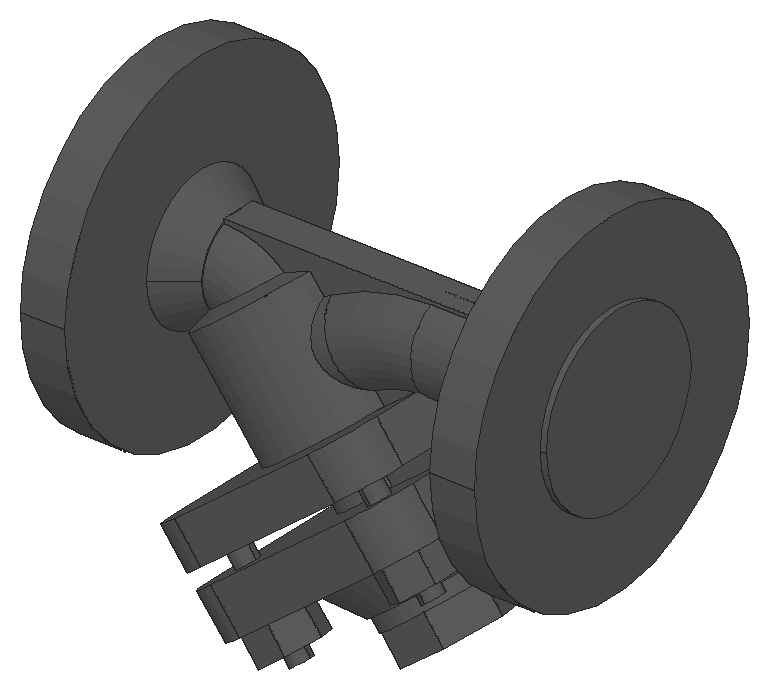
Revit family "FVF_DN15-300_PN25_RFA", category Pipe Accessories, Revit 2017
Family settings
  Round Connector Dimension = Use Diameter
  Part Type = Valve - Breaks Into
  OmniClass Number = 23.60.30.11
  OmniClass Title = Pipework Products for General Use
  Work Plane-Based = No
  Always vertical = Yes
  Cut with Voids When Loaded = No
  Shared = No
Parameters (values of type "FVF_DN15_PN25_065B7770")
  Weight = 2.20 kg
  W = D2  # 95 mm
  URL = "https://store.danfoss.com/en/Climate-Solutions-for-heating/Strainers/Strainers-for-District-Heating-and-District-Cooling/c/4071?q=%3Arelevance%3Adanfoss_producttypehierarchydesc%3Ac0f3d6ea79d70004a3a14d8528cae98d95d6f5b5&text="
  Pressure Drop [instance] = 0.0 Pa
  Number of meshes = "150/cm2"
  Nominal Pressure = "PN 25"  # constant formula
  Model Type = "FVF_DN15_PN25"
  Model = "065B7770"
  Min Medium Temperature = "-20 °C"  # constant formula
  Mesh Size = "0.54 mm"
  Max Medium Temperature = "150 °C"  # constant formula
  Manufacturer = "Danfoss"  # constant formula
  LOD 350 = not(LOD 200)  # yes
  LOD 200 = no
  L5 = 58.5 mm
  L_1 = 35 mm
  L4 = 5.7 mm
  L3 = 12.4 mm
  L2 = 81.2 mm
  L1 = 126 mm
  L = 130 mm
  Kvs = 5.3 m³/h
  IfcExportType = "FVF"  # constant formula
  IfcExportAs = "IfcValveType"  # constant formula
  H2 = D2 / 2  # 47.5 mm
  H1 = 81 mm
  H = H1 + (D2 / 2)  # 128.5 mm
  Flow [instance] = 0.0 m³/h
  Body Top = Strainer_top : 15
  Description = "Strainer"  # constant formula
  D4_2 = D4 / 2  # 12.5 mm
  D4 = 25 mm
  D3 = 38.8 mm
  D2 = 95 mm
  D1 = 49.8 mm
  D = 15 mm
  Connection = "Flange"  # constant formula
  Body Material = Danfoss Cast Iron
  A_R2 = D4 / 2 - 8 mm  # 4.5 mm
  A_R1 = 20 mm
  A_H2 = 5 mm
  A_H1 = 38.5 mm
  A = 52.00°
Types (15, lengths in mm): name | Weight | W | Number of meshes | Model Type | Model | Mesh Size | L5 | L_1 | L4 | L3 | L2 | L1 | L | Kvs | H2 | H1 | H | Body Top | D4_2 | D4 | D3 | D2 | D1 | D | Body Material | A_R2 | A_R1 | A_H2 | A_H1 | A
  (no name) | 2.20 kg | 95 | "150/cm2" | "FVF_DN15_PN25" | "065B7770" | "0.54 mm" | 58.5 | 35 | 5.7 | 12.4 | 81.2 | 126 | 130 | 5.3 m³/h | 47.5 | 81 | 128.5 | Strainer_top : 15 | 12.5 | 25 | 38.8 | 95 | 49.8 | 15 | Danfoss Cast Iron | 4.5 | 20 | 5 | 38.5 | 52.00°
  FVF_DN100_PN25_065B7778 | 25.00 kg | 235 | "25/cm2" | "FVF_DN100_PN25" | "065B7778" | "1.18 mm" | 113 | 108.75 | 25.75 | 19.2 | 269 | 343 | 350 | 201.0 m³/h | 117.5 | 240 | 357.5 | Strainer_top : 100 | 57 | 114 | 140 | 235 | 175 | 100 | Danfoss Cast Iron | 49 | 71.5 | 30 | 192.6 | 45.00°
  FVF_DN150_PN25_065B7780 | 61.00 kg | 300 | "25/cm2" | "FVF_DN150_PN25" | "065B7780" | "1.18 mm" | 125 | 123.6 | 35 | 20.8 | 370 | 471.8 | 480 | 542.0 m³/h | 150 | 305 | 455 | Strainer_top : 150 | 83 | 166 | 202 | 300 | 227 | 150 | Danfoss Cast Iron | 75 | 107.2 | 71.288 | 256.288 | 45.00°
  FVF_DN200_PN25_065B7781 | 109.00 kg | 360 | "25/cm2" | "FVF_DN200_PN25" | "065B7781" | "1.18 mm" | 145 | 195 | 52 | 26.7 | 495 | 591.8 | 600 | 870.0 m³/h | 180 | 437 | 617 | Strainer_top : 200 | 113 | 226 | 259 | 360 | 288 | 200 | Danfoss Cast Iron | 105 | 140 | 76 | 407.4 | 45.00°
  FVF_DN250_PN25_065B7782 | 162.00 kg | 425 | "25/cm2" | "FVF_DN250_PN25" | "065B7782" | "1.18 mm" | 220 | 193 | 60 | 29 | 574.5 | 724 | 730 | 1260.0 m³/h | 212.5 | 466 | 678.5 | Strainer_top : 250 | 139 | 278 | 309 | 425 | 348 | 250 | Danfoss Cast Iron | 131 | 150 | 101 | 382 | 45.00°
  FVF_DN300_PN25_065B7783 | 280.00 kg | 485 | "25/cm2" | "FVF_DN300_PN25" | "065B7783" | "1.18 mm" | 150 | 232 | 82 | 28 | 712 | 842 | 850 | 1735.0 m³/h | 242.5 | 550 | 792.5 | Strainer_top : 300 | 166 | 332 | 362.5 | 485 | 411 | 300 | Danfoss Ductile Iron | 158 | 176 | 98.4 | 465.8 | 45.00°
  FVF_DN125_PN25_065B7779 | 39.00 kg | 270 | "25/cm2" | "FVF_DN125_PN25" | "065B7779" | "1.18 mm" | 75 | 115 | 30.6 | 20.8 | 305.8 | 393 | 400 | 350.0 m³/h | 135 | 273 | 408 | Strainer_top : 125 | 71.45 | 142.9 | 172.3 | 270 | 213 | 125 | Danfoss Cast Iron | 63.45 | 96 | 45 | 227.4 | 45.00°
  FVF_DN80_PN25_065B7777 | 16.60 kg | 198 | "25/cm2" | "FVF_DN80_PN25" | "065B7777" | "1.18 mm" | 95 | 90.6 | 19.6 | 18 | 219.5 | 303 | 310 | 140.0 m³/h | 99 | 185 | 284 | Strainer_top : 80 | 46.5 | 93 | 119 | 198 | 138.6 | 80 | Danfoss Cast Iron | 38.5 | 61.3 | 28.5 | 139.5 | 45.00°
  FVF_DN65_PN25_065B7776 | 12.00 kg | 184 | "64/cm2" | "FVF_DN65_PN25" | "065B7776" | "0.87 mm" | 105 | 73.4 | 16.6 | 17.5 | 207.5 | 283 | 290 | 95.0 m³/h | 92 | 155 | 247 | Strainer_top : 65 | 38.5 | 77 | 93.6 | 184 | 125 | 65 | Danfoss Cast Iron | 30.5 | 54.8 | 25.6 | 122.9 | 45.00°
  FVF_DN50_PN25_065B7775 | 8.50 kg | 163 | "64/cm2" | "FVF_DN50_PN25" | "065B7775" | "0.87 mm" | 75 | 56.5 | 13.5 | 15.2 | 156.9 | 223.3 | 230 | 54.0 m³/h | 81.5 | 135 | 216.5 | Strainer_top : 50 | 31 | 62 | 82.8 | 163 | 109.3 | 50 | Danfoss Cast Iron | 23 | 43.8 | 20.5 | 100.6 | 45.00°
  FVF_DN40_PN25_065B7774 | 6.50 kg | 149.5 | "64/cm2" | "FVF_DN40_PN25" | "065B7774" | "0.87 mm" | 64 | 48.6 | 11.4 | 14.6 | 129.4 | 192.9 | 200 | 33.0 m³/h | 74.75 | 135 | 209.75 | Strainer_top : 40 | 25.5 | 51 | 73.2 | 149.5 | 95.7 | 40 | Danfoss Cast Iron | 17.5 | 38.5 | 19 | 82.7 | 45.00°
  FVF_DN32_PN25_065B7773 | 5.00 kg | 139.5 | "64/cm2" | "FVF_DN32_PN25" | "065B7773" | "0.87 mm" | 65 | 45.5 | 9.5 | 14.6 | 116.7 | 172.8 | 180 | 20.0 m³/h | 69.75 | 135 | 204.75 | Strainer_top : 32 | 21 | 42 | 62.5 | 139.5 | 87.8 | 32 | Danfoss Cast Iron | 13 | 32.4 | 16.5 | 64.3 | 45.00°
  FVF_DN25_PN25_065B7772 | 3.80 kg | 115 | "64/cm2" | "FVF_DN25_PN25" | "065B7772" | "0.87 mm" | 60 | 45 | 8 | 14 | 101 | 156 | 160 | 16.5 m³/h | 57.5 | 91 | 148.5 | Strainer_top : 25 | 17.5 | 35 | 53.4 | 115 | 72.8 | 25 | Danfoss Cast Iron | 9.5 | 28 | 6 | 56 | 45.00°
  FVF_DN20_PN25_065B7771 | 3.30 kg | 105 | "150/cm2" | "FVF_DN20_PN25" | "065B7771" | "0.54 mm" | 68.5 | 40 | 7.5 | 12.4 | 95 | 146 | 150 | 9.5 m³/h | 52.5 | 82 | 134.5 | Strainer_top : 20 | 15 | 30 | 46.8 | 105 | 62.8 | 20 | Danfoss Cast Iron | 7 | 21.288 | 5 | 39.5 | 52.00°
  FVF_DN15_PN25_065B7770 | 2.20 kg | 95 | "150/cm2" | "FVF_DN15_PN25" | "065B7770" | "0.54 mm" | 58.5 | 35 | 5.7 | 12.4 | 81.2 | 126 | 130 | 5.3 m³/h | 47.5 | 81 | 128.5 | Strainer_top : 15 | 12.5 | 25 | 38.8 | 95 | 49.8 | 15 | Danfoss Cast Iron | 4.5 | 20 | 5 | 38.5 | 52.00°
Reference planes
  plane 1 "Center (Front/Back)": y = -30
  plane 2: z = 0
  plane 3 "Center (Left/Right)": x = 5.25
  plane 4: y = -77.5
  plane 5: y = 17.5
  plane 6: x = 105.25
  plane 7: x = -24.75
  plane 8: x = -22.75
  plane 9: x = 103.25
  plane 10: x = -0.35
  plane 11: x = 80.85
  plane 12: z = 417.5
  plane 13: z = -47.5
  plane 14: x = 40.25
  plane 15 "Front_1": y = -25
  plane 16 "Front_2": y = -35
  plane 17: z = 47.5
  plane 18: z = -81
  plane 19: z = 12.5
  plane 20: x = -10.35
  plane 21: x = 90.85
  plane 22: x = 46.75
  plane 23: x = 126
  plane 24: x = 10.95
  plane 25: x = 41.05
  plane 26: x = 35.35
  plane 27: z = -5.7
  plane 28: x = -0.45
Forms (mm)
  Blend 1, solid, material "Danfoss Cast Iron" <- "Body Material", visible <- "LOD 350", detail levels fine
    base sketch origin (5.25, 0, 0) x (0, 1, 0) y (0, 0, 1)
      loop
        circle (-30, 0) r 12.5
    top sketch origin (5.25, 0, 0) x (0, 1, 0) y (0, 0, 1)
      loop
        circle (-30, 0) r 19.4
    from -5.6 to -15.6
  Blend 2, solid, material "Danfoss Cast Iron" <- "Body Material", visible <- "LOD 350", detail levels fine
    base sketch origin (0, 0, 0) x (0, 1, 0) y (0, 0, -1)
      loop
        circle (-30, 0) r 12.5
    top sketch origin (0, 0, 0) x (0, 1, 0) y (0, 0, -1)
      loop
        circle (-30, 0) r 19.4
    from -80.85 to -90.85
  Extrusion 3, solid, material "Danfoss Cast Iron" <- "Body Material", detail levels fine
    sketch origin (5.25, 0, 0) x (0, 1, 0) y (0, 0, 1)
      loop
        circle (-30, 0) r 47.5
    from 85.6 to 98
  Extrusion 4, solid, material "Danfoss Cast Iron" <- "Body Material", detail levels fine
    sketch origin (0, 0, 0) x (0, 1, 0) y (0, 0, -1)
      loop
        circle (-30, 0) r 47.5
    from 10.35 to 22.75
  Extrusion 5, solid, material "Danfoss Cast Iron" <- "Body Material", detail levels fine
    sketch origin (5.25, 0, 0) x (0, 1, 0) y (0, 0, 1)
      loop
        circle (-30, 0) r 24.9
    from 98 to 100
  Extrusion 6, solid, material "Danfoss Cast Iron" <- "Body Material", detail levels fine
    sketch origin (0, 0, 0) x (0, 1, 0) y (0, 0, -1)
      loop
        circle (-30, 0) r 24.9
    from 22.75 to 24.75
  Sweep 7, solid, material "Danfoss Cast Iron" <- "Body Material", visible <- "LOD 350", detail levels fine
    path origin (0, -30, 0) x (1, 0, 0) y (0, 0, 1)
      loop
        line (-10.35, 0) -> (-0.45, 0)
        arc (-0.45, 0) -> (5.923, -1.504) -> (10.95, -5.7) r 14.25
    profile origin (-5.4, -30, 0) x (0, 0, 1) y (0, -1, 0)
      loop
        circle (0, 0) r 12.5
  Sweep 8, solid, material "Danfoss Cast Iron" <- "Body Material", visible <- "LOD 350", detail levels fine
    path origin (0, -30, 0) x (1, 0, 0) y (0, 0, 1)
      loop
        line (80.85, 0) -> (57.416, 0)
        arc (57.416, 0) -> (46.021, -1.448) -> (35.35, -5.7) r 45.561
        line (35.35, -5.7) -> (17.447, -15.611)
    profile origin (69.133, -30, 0) x (0, 0, -1) y (0, -1, 0)
      loop
        circle (0, 0) r 12.5
  Extrusion 9, solid, material "Danfoss Cast Iron" <- "Body Material", visible <- "LOD 350", detail levels fine
    sketch origin (0, -30, 0) x (1, 0, 0) y (0, 0, 1)
      loop
        line (-0.35, 12.5) -> (-0.35, 0) -> (80.85, 0) -> (80.85, 12.5) -> (-0.35, 12.5)
    from -5 to 5
  Extrusion 10, solid, material "Danfoss Cast Iron" <- "Body Material", visible <- "LOD 200", detail levels fine
    sketch origin (5.25, 0, 0) x (0, 1, 0) y (0, 0, 1)
      loop
        circle (-30, 0) r 12.5
    from -15.6 to 85.6
  Extrusion 11, solid, material "Danfoss Cast Iron" <- "Body Material", visible <- "LOD 350", detail levels fine
    sketch origin (0, -30, 0) x (1, 0, 0) y (0, 0, 1)
      loop
        line (47.527, -54.112) -> (116.787, 0) -> (5.25, 0) -> (47.527, -54.112)
    from -5 to 5
  Extrusion 12, void, detail levels fine
    sketch origin (0, -30, 0) x (1, 0, 0) y (0, 0, 1)
      loop
        line (90.85, 0) -> (90.85, -47.5) -> (290.85, -47.5) -> (290.85, 0) -> (90.85, 0)
    from -47.5 to 47.5
  Revolve 13, solid, material "Danfoss Cast Iron" <- "Body Material", detail levels fine
    sketch origin (0, -30, 0) x (1, 0, 0) y (0, 0, 1)
      loop
        line (24.089, 8.373) -> (8.328, -3.94) -> (28.953, -30.338) -> (44.713, -18.025) -> (24.089, 8.373)
      axis (8.328, -3.94) -> (28.953, -30.338)
    angle from 0 to 360
  Revolve 14, solid, material "Danfoss Cast Iron" <- "Body Material", detail levels fine
    sketch origin (0, -30, 0) x (1, 0, 0) y (0, 0, 1)
      loop
        line (24.089, 8.373) -> (8.796, 2.77) -> (5.25, 0) -> (8.328, -3.94) -> (24.089, 8.373)
      axis (8.328, -3.94) -> (5.25, 0)
    angle from 0 to 360
Cuts and joins
  Extrusion 12 cuts Blend 2
  Extrusion 12 cuts Extrusion 10
  Extrusion 12 cuts Extrusion 11
Lines and regions (mm)
  reference lines
    curve 1: line (5.25, -30, 0) -> (273.063, -30, -342.785)
    curve 2: line (5.25, -30, 0) -> (320.454, -30, 246.265)
    curve 3: line (323.533, -30, 242.325) -> (8.328, -30, -3.94)
    curve 4: line (344.157, -30, 215.926) -> (28.953, -30, -30.338)
    curve 5: line (8.796, -30, 2.77) -> (276.609, -30, -340.014)
    curve 6: line (21.01, -30, 12.313) -> (288.823, -30, -330.471)
Dimensions and locks
  "L": plane 6 to plane 7
  "L1": plane 9 to plane 8
  "L2": plane 11 to plane 10
  "L_1": plane 14 to plane 3 "Center (Left/Right)"
  equal spacing: plane 6, plane 14, plane 7
  equal spacing: plane 9, plane 14, plane 8
  equal spacing: plane 11, plane 14, plane 10
  "D2": plane 4 to plane 5
  equal spacing: plane 4, plane 1 "Center (Front/Back)", plane 5
  equal spacing: plane 16 "Front_2", plane 1 "Center (Front/Back)", plane 15 "Front_1"
  plane 16 "Front_2" to plane 15 "Front_1" = 10 mm
  "H": plane 17 to plane 18
  "H1": plane 2 to plane 18
  "D4_2": plane 19 to plane 2
  "H2": plane 2 to plane 13
  "L3": plane 20 to plane 8
  "L3": plane 9 to plane 21
  "L5": plane 6 to plane 22
  equal spacing: plane 22, plane 25, plane 26
  "L4": plane 22 to plane 25
  "L4": plane 2 to plane 27
  equal spacing: plane 24, plane 3 "Center (Left/Right)", plane 28
  "L4": plane 3 "Center (Left/Right)" to plane 28
  Extrusion 12 sketch curve to plane 21 = 200 mm
  Extrusion 12 to plane 13 = 47.5 mm
  "A_H2": curve 3 to curve 2
  "A_H1": curve 4 to curve 2
  "A_R2": curve 1 to curve 5
  "A_R1": curve 1 to curve 6
  curve 1 to curve 1 = 435 mm
  curve 2 to curve 2 = 400 mm
  curve 3 to curve 3 = 400 mm
  curve 4 to curve 4 = 400 mm
  curve 5 to curve 5 = 435 mm
  curve 6 to curve 6 = 435 mm
  "D4": diameter of Blend 1 sketch curve
  "D3": diameter of Blend 1 sketch curve
  "D4": diameter of Blend 2 sketch curve
  "D3": diameter of Blend 2 sketch curve
  "D2": diameter of Extrusion 3 sketch curve
  "D2": diameter of Extrusion 4 sketch curve
  "D1": diameter of Extrusion 5 sketch curve
  "D1": diameter of Extrusion 6 sketch curve
  "D4": diameter of Sweep 7 sketch curve
  "D4": diameter of Sweep 8 sketch curve
  "D4": diameter of Extrusion 10 sketch curve
  "A": angle curve 1 to plane 2
  locked: curve 1 to curve 2 (angle 90.00°)
  "A": angle nested 2 to plane 2
  aligned and locked: level to plane 2
  aligned and locked: plane 10 to Blend 1
  aligned and locked: plane 9 to Extrusion 3
  aligned and locked: Extrusion 4 to plane 8
  aligned and locked: plane 6 to Extrusion 5
  aligned and locked: Extrusion 5 to plane 9
  aligned and locked: Extrusion 6 to plane 7
  aligned and locked: plane 8 to Extrusion 6
  aligned and locked: Blend 2 to plane 11
  aligned and locked: plane 1 "Center (Front/Back)" to nested 1
  aligned and locked: nested 1 to plane 2
  aligned and locked: plane 20 to Extrusion 4
  aligned and locked: Extrusion 3 to plane 21
  aligned and locked: Blend 1 to plane 20
  aligned and locked: plane 21 to Blend 2
  aligned and locked: plane 7 to nested 1
  aligned and locked: plane 20 to Sweep 7 sketch curve
  aligned and locked: Sweep 7 sketch curve to plane 2
  aligned and locked: plane 11 to Sweep 8 sketch curve
  aligned and locked: plane 26 to Sweep 8 sketch curve
  aligned and locked: plane 27 to Sweep 8 sketch curve
  aligned and locked: Extrusion 9 sketch curve to plane 19
  aligned and locked: Extrusion 9 sketch curve to plane 10
  aligned and locked: Extrusion 9 sketch curve to plane 2
  aligned and locked: Extrusion 9 to plane 15 "Front_1"
  aligned and locked: plane 16 "Front_2" to Extrusion 9
  aligned and locked: Blend 2 to Extrusion 10
  aligned and locked: Blend 1 to Extrusion 10
  aligned and locked: plane 28 to Sweep 7 sketch curve
  aligned and locked: plane 24 to Sweep 7 sketch curve
  aligned and locked: plane 27 to Sweep 7 sketch curve
  aligned and locked: Extrusion 11 to plane 15 "Front_1"
  aligned and locked: plane 16 "Front_2" to Extrusion 11
  aligned and locked: Extrusion 11 sketch curve to plane 2
  aligned and locked: plane 1 "Center (Front/Back)" to nested 2
  aligned and locked: Extrusion 12 sketch curve to Blend 2
  aligned and locked: Extrusion 12 sketch curve to Extrusion 3
  aligned and locked: plane 13 to Extrusion 12 sketch curve
  aligned and locked: plane 4 to Extrusion 12
  aligned and locked: Extrusion 12 to plane 5
  aligned and locked: curve 3 to Revolve 13 sketch curve
  aligned and locked: curve 4 to Revolve 13 sketch curve
  aligned and locked: curve 1 to Revolve 13 sketch curve
  aligned and locked: Revolve 13 sketch curve to Revolve 13 sketch curve  (x2)
  aligned and locked: curve 6 to Revolve 13 sketch curve
  aligned and locked: Revolve 14 sketch curve to curve 2
  aligned and locked: Revolve 14 sketch curve to curve 1
  aligned and locked: Revolve 14 sketch curve to Revolve 14 sketch curve  (x2)
  aligned and locked: curve 1 to nested 2
  aligned and locked: Revolve 14 sketch curve to curve 5
  aligned and locked: Revolve 13 to Revolve 14 sketch curve
  aligned and locked: curve 6 to Revolve 14 sketch curve
  aligned and locked: curve 1 to Sweep 8 sketch curve
  aligned and locked: curve 4 to nested 2
  aligned and locked: Extrusion 9 sketch curve to plane 11
  aligned and locked: Extrusion 11 sketch curve to curve 1
Automatic sketch dimensions
  Sweep 8 sketch curve to level = 0 mm
  plane 22 to Sweep 8 sketch curve = 10.666 mm
  Revolve 13 sketch curve to Revolve 13 sketch curve = 0.183 mm
  Revolve 14 sketch curve to level = 0 mm
  Extrusion 11 sketch curve to plane 13 = 6.612 mm
  curve 2 to level = 0 mm
  curve 2 to plane 3 "Center (Left/Right)" = 0 mm
  Blend 1 sketch curve to level = 0 mm  (x2)
  Blend 1 sketch curve to plane 1 "Center (Front/Back)" = 0 mm  (x2)
  Blend 2 sketch curve to level = 0 mm  (x2)
  Blend 2 sketch curve to plane 1 "Center (Front/Back)" = 0 mm  (x2)
  Extrusion 3 sketch curve to level = 0 mm
  Extrusion 3 sketch curve to plane 1 "Center (Front/Back)" = 0 mm
  Extrusion 4 sketch curve to level = 0 mm
  Extrusion 4 sketch curve to plane 1 "Center (Front/Back)" = 0 mm
  Extrusion 5 sketch curve to level = 0 mm
  Extrusion 5 sketch curve to plane 1 "Center (Front/Back)" = 0 mm
  Extrusion 6 sketch curve to level = 0 mm
  Extrusion 6 sketch curve to plane 1 "Center (Front/Back)" = 0 mm
  Sweep 7 sketch curve to plane 1 "Center (Front/Back)" = 0 mm
  profile plane to Sweep 7 sketch curve = 0 mm
  Sweep 8 sketch curve to plane 1 "Center (Front/Back)" = 0 mm
  Sweep 8 sketch curve to profile plane = 0 mm
  Extrusion 10 sketch curve to level = 0 mm
  Extrusion 10 sketch curve to plane 1 "Center (Front/Back)" = 0 mm
Nested families
  nested 1: "Schematic_Strainer_Flange" at (40.25, -30, 0), type "Schematic_Strainer_Flange", detail levels coarse+medium
    with L3 6.5 mm, L2 52 mm, L1 7.429 mm, L 130 mm, H1 18.571 mm, H 65 mm, D1 95 mm
  nested 2: "Strainer_top" at (47.115, -30, -53.585) x (-0.788, 0, -0.6157) z (0.6157, 0, -0.788), type <- "Body Top", LOD 200 <- "LOD 200", type "15", detail levels fine
    with LOD 350_Square yes, LOD 350_Round no, LOD 350 yes, LOD 200_Square no, LOD 200_Round no, LOD 200 no
Connectors
  piping at (105.25, -30, 0), diameter 15, driven by "D", driven by "Flow"
    settings: on Extrusion 5, index 1, connector inside diameter 609.6 mm, connector length 0 mm, flow factor 0, pipe flow 0.0 m³/h, pressure drop 0.0 Pa, fitting loss kfactor 0, connector angle 0.00°, fixture units 0, engagement length 0 mm, angle of deflection 0.00°, flow configuration 0, flow direction 2, fitting loss method 0, system type 29, joint type 0, gender type 0, connector reference index 2, connector utility 0, adjustable connector no, is connector primary yes, connector description ""
  piping at (-24.75, -30, 0), diameter 15, driven by "D", driven by "Flow"
    settings: on Extrusion 6, index 2, connector inside diameter 609.6 mm, connector length 0 mm, flow factor 0, pipe flow 0.0 m³/h, pressure drop 0.0 Pa, fitting loss kfactor 0, connector angle 0.00°, fixture units 0, engagement length 0 mm, angle of deflection 0.00°, flow configuration 0, flow direction 1, fitting loss method 0, system type 29, joint type 0, gender type 0, connector reference index 1, connector utility 0, adjustable connector no, is connector primary no, connector description ""
Definition of nested family "Strainer_top"
  Parameters (values of type "15")
    n = 4
    W1 = 65.5 mm
    R2 = 12 mm
    R1 = W1 / 2  # 32.75 mm
    Nut Type = Common nut : NUT30
    LOD 350_Square [instance] = if(and(LOD 350, n = 4), 1 = 1, 1 = 0)  # yes
    LOD 350_Round [instance] = if(and(LOD 350, n > 4), 1 = 1, 1 = 0)  # no
    LOD 350 [instance] = not(LOD 200)  # yes
    LOD 200_Square [instance] = if(and(LOD 200, n = 4), 1 = 1, 1 = 0)  # no
    LOD 200_Round [instance] = if(and(LOD 200, n > 4), 1 = 1, 1 = 0)  # no
    LOD 200 [instance] = no
    H4 = 39.5 mm
    H3 = 13 mm
    H2 = 4.5 mm
    H1 = 12 mm
    H = 52.5 mm
    D4 = 31.9 mm
    D2 = if(D1 < 150 mm, D1 - 50 mm, D1 - 100 mm)  # 21 mm
    D1 = 71 mm
    D3 = 46.7 mm
    Bolt Type = Bolt : 16
    Body Material = none
    A = 45.00°
  Types (15, lengths in mm): name | n | W1 | R2 | R1 | Nut Type | LOD 350_Square | LOD 350_Round | H4 | H3 | H2 | H1 | H | D4 | D2 | D1 | D3 | Bolt Type | A
    (no name) | 4 | 65.5 | 12 | 32.75 | Common nut : NUT30 | yes | no | 39.5 | 13 | 4.5 | 12 | 52.5 | 31.9 | 21 | 71 | 46.7 | Bolt : 16 | 45.00°
    300 | 16 | 416.8 | 17 | 208.4 | Common nut : NUT37 | no | yes | 102.6 | 26 | 6 | 33 | 119 | 40 | 370 | 470 | 370 | Bolt : 30 | 22.50°
    250 | 12 | 347.7 | 17 | 173.85 | Common nut : NUT37 | no | yes | 75.5 | 31 | 4.5 | 32 | 95.5 | 215 | 304 | 404 | 273 | Bolt : 30 | 30.00°
    200 | 12 | 251.6 | 17 | 125.8 | Common nut : NUT24 | no | yes | 75 | 22 | 3.5 | 32.3 | 86 | 33 | 190 | 290 | 170 | Bolt : 24 | 30.00°
    150 | 10 | 190 | 17 | 95 | Common nut : NUT37 | no | yes | 64 | 16 | 1.5 | 31 | 80 | 42 | 132 | 232 | 197.6 | Bolt : 24 | 36.00°
    100 | 10 | 154.8 | 17 | 77.4 | Common nut : NUT30 | no | yes | 47.3 | 14 | 5.4 | 19.5 | 67.3 | 32 | 92 | 192 | 147.8 | Bolt : 24 | 36.00°
    125 | 8 | 166 | 17 | 83 | Common nut : NUT37 | no | yes | 55.9 | 15 | 1.5 | 29.3 | 72.4 | 42 | 114 | 214 | 172 | Bolt : 24 | 45.00°
    80 | 4 | 135 | 17 | 67.5 | Common nut : NUT37 | yes | no | 55 | 19 | 3.5 | 24 | 71.5 | 82.5 | 86 | 136 | 98.7 | Bolt : 24 | 45.00°
    65 | 4 | 115 | 13.5 | 57.5 | Common nut : NUT24 | yes | no | 50.2 | 17 | 3.5 | 16.7 | 60.5 | 33 | 61 | 111 | 90.4 | Bolt : 18 | 45.00°
    50 | 4 | 98 | 13.5 | 49 | Common nut : NUT30 | yes | no | 47.4 | 16 | 3 | 16.9 | 60.5 | 31.5 | 49 | 99 | 70 | Bolt : 18 | 45.00°
    40 | 4 | 88 | 13.5 | 44 | Common nut : NUT30 | yes | no | 47.4 | 16 | 2.5 | 17.4 | 60.5 | 31.5 | 41 | 91 | 60 | Bolt : 18 | 45.00°
    32 | 4 | 72 | 12 | 36 | Common nut : NUT30 | yes | no | 40.7 | 13 | 3.5 | 14.2 | 53.5 | 31.9 | 26 | 76 | 48 | Bolt : 16 | 45.00°
    25 | 4 | 72 | 12 | 36 | Common nut : NUT30 | yes | no | 39.5 | 13 | 4.5 | 12 | 52.5 | 31.9 | 26 | 76 | 48 | Bolt : 16 | 45.00°
    20 | 4 | 65.5 | 12 | 32.75 | Common nut : NUT30 | yes | no | 39.5 | 13 | 4.5 | 12 | 52.5 | 31.9 | 21 | 71 | 46.7 | Bolt : 16 | 45.00°
    15 | 4 | 65.5 | 12 | 32.75 | Common nut : NUT30 | yes | no | 39.5 | 13 | 4.5 | 12 | 52.5 | 31.9 | 21 | 71 | 46.7 | Bolt : 16 | 45.00°
  Reference planes
    plane 1 "Center (Front/Back)": y = 0
    plane 2: z = 0
    plane 3 "Center (Left/Right)": x = 0
    plane 4: z = -17.5
    plane 5: z = -13
    plane 6: z = 10
    plane 7: y = 32.75
    plane 8: y = -32.75
    plane 9: through (0, 0, 1200) normal (-0.7071, -0.7071, 0)
    plane 10: z = -29.5
    plane 11: z = 23
    plane 12: y = 35.5
    plane 13: y = -35.5
    plane 14: x = 35.5
    plane 15: x = -35.5
  Forms (mm)
    Extrusion 1, solid, material <- "Body Material", visible <- "LOD 350_Round", detail levels fine
      sketch origin (0, 0, 0) x (1, 0, 0) y (0, 1, 0)
        loop
          circle (0, 0) r 35.5
      from -29.5 to -17.5
    Extrusion 2, solid, material <- "Body Material", visible <- "LOD 350", detail levels fine
      sketch origin (0, 0, 0) x (1, 0, 0) y (0, 1, 0)
        loop
          circle (0, 0) r 10.5
      from -17.5 to -13
    Extrusion 3, solid, material <- "Body Material", visible <- "LOD 350_Round", detail levels fine
      sketch origin (0, 0, 0) x (1, 0, 0) y (0, 1, 0)
        loop
          circle (0, 0) r 35.5
      from -13 to 0
    Blend 4, solid, material <- "Body Material", visible <- "LOD 350", detail levels fine
      base sketch origin (0, 0, 0) x (1, 0, 0) y (0, 1, 0)
        loop
          circle (0, 0) r 23.35
      top sketch origin (0, 0, 0) x (1, 0, 0) y (0, 1, 0)
        loop
          circle (0, 0) r 15.95
      from 0 to 10
    Extrusion 5, solid, material <- "Body Material", visible <- "LOD 200_Round", detail levels fine
      sketch origin (0, 0, 0) x (1, 0, 0) y (0, 1, 0)
        loop
          circle (0, 0) r 35.5
      from -29.5 to 23
    Extrusion 6, solid, material <- "Body Material", visible <- "LOD 350_Square"
      sketch origin (0, 0, 0) x (1, 0, 0) y (0, 1, 0)
        loop
          arc (-23.5, 35.5) -> (-31.985, 31.985) -> (-35.5, 23.5) r 12
          line (-35.5, 23.5) -> (-35.5, -23.5)
          arc (-35.5, -23.5) -> (-31.985, -31.985) -> (-23.5, -35.5) r 12
          line (-23.5, -35.5) -> (23.5, -35.5)
          arc (23.5, -35.5) -> (31.985, -31.985) -> (35.5, -23.5) r 12
          line (35.5, -23.5) -> (35.5, 23.5)
          arc (35.5, 23.5) -> (31.985, 31.985) -> (23.5, 35.5) r 12
          line (23.5, 35.5) -> (-23.5, 35.5)
      from -29.5 to -17.5
    Extrusion 7, solid, material <- "Body Material", visible <- "LOD 200_Square"
      sketch origin (0, 0, 0) x (1, 0, 0) y (0, 1, 0)
        loop
          line (-35.5, 35.5) -> (-35.5, -35.5) -> (35.5, -35.5) -> (35.5, 35.5) -> (-35.5, 35.5)
      from -29.5 to 23
    Extrusion 8, solid, material <- "Body Material", visible <- "LOD 350_Square"
      sketch origin (0, 0, 24.9) x (1, 0, 0) y (0, 1, 0)
        loop
          arc (-23.5, 35.5) -> (-31.985, 31.985) -> (-35.5, 23.5) r 12
          line (-35.5, 23.5) -> (-35.5, -23.5)
          arc (-35.5, -23.5) -> (-31.985, -31.985) -> (-23.5, -35.5) r 12
          line (-23.5, -35.5) -> (23.5, -35.5)
          arc (23.5, -35.5) -> (31.985, -31.985) -> (35.5, -23.5) r 12
          line (35.5, -23.5) -> (35.5, 23.5)
          arc (35.5, 23.5) -> (31.985, 31.985) -> (23.5, 35.5) r 12
          line (23.5, 35.5) -> (-23.5, 35.5)
      from -37.9 to -24.9
  Dimensions and locks
    "H2": plane 5 to plane 4
    equal spacing: plane 8, plane 1 "Center (Front/Back)", plane 7
    "W1": plane 8 to plane 7
    "H1": plane 4 to plane 10
    "H4": plane 6 to plane 10
    "H3": level to plane 5
    "H": plane 11 to plane 10
    equal spacing: plane 15, plane 3 "Center (Left/Right)", plane 14
    "D1": plane 15 to plane 14
    equal spacing: plane 13, plane 1 "Center (Front/Back)", plane 12
    "D1": plane 13 to plane 12
    "D1": diameter of Extrusion 1 sketch curve
    "D2": diameter of Extrusion 2 sketch curve
    "D1": diameter of Extrusion 3 sketch curve
    "D3": diameter of Blend 4 sketch curve
    "D4": diameter of Blend 4 sketch curve
    "D1": diameter of Extrusion 5 sketch curve
    "R2": radius of Extrusion 6 sketch curve  (x4)
    "R2": radius of Extrusion 8 sketch curve  (x4)
    "R1": radius of radial array
    "A": angle plane 3 "Center (Left/Right)" to plane 9
    aligned and locked: level to plane 2
    aligned and locked: plane 4 to Extrusion 1
    aligned and locked: plane 5 to Extrusion 2
    aligned and locked: Extrusion 2 to plane 4
    aligned and locked: Extrusion 3 to plane 5
    aligned and locked: plane 6 to Blend 4
    aligned and locked: plane 6 to nested 1
    aligned and locked: plane 3 "Center (Left/Right)" to nested 1
    aligned and locked: plane 1 "Center (Front/Back)" to nested 1
    aligned and locked: Extrusion 1 to plane 10
    aligned and locked: level to Extrusion 3
    aligned and locked: Blend 4 to level
    aligned and locked: Extrusion 5 to Extrusion 1
    aligned and locked: plane 11 to Extrusion 5
    aligned and locked: plane 12 to Extrusion 6 sketch curve
    aligned and locked: plane 15 to Extrusion 6 sketch curve
    aligned and locked: Extrusion 6 sketch curve to plane 13
    aligned and locked: Extrusion 6 sketch curve to plane 14
    aligned and locked: plane 12 to Extrusion 7 sketch curve
    aligned and locked: plane 15 to Extrusion 7 sketch curve
    aligned and locked: Extrusion 7 sketch curve to plane 13
    aligned and locked: Extrusion 7 sketch curve to plane 14
    aligned and locked: Extrusion 6 to plane 10
    aligned and locked: plane 4 to Extrusion 6
    aligned and locked: level to Extrusion 8
    aligned and locked: Extrusion 8 to plane 5
    aligned and locked: plane 15 to Extrusion 8 sketch curve
    aligned and locked: plane 12 to Extrusion 8 sketch curve
    aligned and locked: Extrusion 8 sketch curve to plane 14
    aligned and locked: Extrusion 8 sketch curve to plane 13
    aligned and locked: Extrusion 7 to plane 10
    aligned and locked: plane 11 to Extrusion 7
  Automatic sketch dimensions
    plane 1 "Center (Front/Back)" to Extrusion 1 sketch curve = 0 mm
    Extrusion 1 sketch curve to plane 3 "Center (Left/Right)" = 0 mm
    plane 1 "Center (Front/Back)" to Extrusion 2 sketch curve = 0 mm
    Extrusion 2 sketch curve to plane 3 "Center (Left/Right)" = 0 mm
    plane 1 "Center (Front/Back)" to Extrusion 3 sketch curve = 0 mm
    Extrusion 3 sketch curve to plane 3 "Center (Left/Right)" = 0 mm
    plane 1 "Center (Front/Back)" to Blend 4 sketch curve = 0 mm  (x2)
    Blend 4 sketch curve to plane 3 "Center (Left/Right)" = 0 mm  (x2)
    plane 1 "Center (Front/Back)" to Extrusion 5 sketch curve = 0 mm
    Extrusion 5 sketch curve to plane 3 "Center (Left/Right)" = 0 mm
  Nested families
    nested 1: "Common nut" at (0, 0, 10) x (0, 0, 1) z (0, -1, 0), Body Material <- "Body Material", type <- "Nut Type", visible <- "LOD 350", type "NUT30", detail levels fine
      with Body Material none
    nested 2: "Bolt" at (-23.158, 23.158, 0), type <- "Bolt Type", visible <- "LOD 350", type "16"
    nested 3: "Bolt" at (23.158, 23.158, 0) x (0, -1, 0) z (0, 0, 1), type <- "Bolt Type", visible <- "LOD 350", type "16"
    nested 4: "Bolt" at (-23.158, -23.158, 0) x (0, 1, 0) z (0, 0, 1), type <- "Bolt Type", visible <- "LOD 350", type "16"
    nested 5: "Bolt" at (23.158, -23.158, 0) x (-1, 0, 0) z (0, 0, 1), type <- "Bolt Type", visible <- "LOD 350", type "16"
  Definition of nested family "Common nut"
    Parameters (values of type "NUT24")
      W_nut = 18 mm
      Tw = 3 mm
      Depth = 10 mm
      Default Elevation = 1219.2 mm
      D = 24 mm
      Body Material [instance] = none
    Types (6, lengths in mm): name | W_nut | Tw | Depth | D
      NUT44 | 38 | 4 | 26 | 44
      NUT30 | 26 | 4 | 13 | 30
      NUT66 | 55 | 15 | 51 | 66
      NUT70 | 57 | 20 | 46 | 70
      NUT37 | 30 | 3 | 16 | 37
      NUT24 | 18 | 3 | 10 | 24
    Reference planes
      plane 1 "Center (Front/Back)": y = 0
      plane 2: z = 0
      plane 3 "Center (Left/Right)": x = 0
      plane 4: x = 10
      plane 5: x = 3
    Forms (mm)
      Extrusion 1, solid, material <- "Body Material", detail levels medium+fine
        sketch origin (0, 0, 0) x (0, 1, 0) y (0, 0, 1)
          loop
            circle (0, 0) r 12
        from 0 to 3
      Extrusion 2, solid, material <- "Body Material", detail levels medium+fine
        sketch origin (3, 0, 0) x (0, 1, 0) y (0, 0, 1)
          loop
            line (-5.196, 9) -> (-10.392, 0) -> (-5.196, -9) -> (5.196, -9) -> (10.392, 0) -> (5.196, 9) -> (-5.196, 9)
        from 0 to 7
    Dimensions and locks
      "Depth": plane 4 to plane 3 "Center (Left/Right)"
      equal spacing: Extrusion 2 sketch curve, level, Extrusion 2 sketch curve
      "W_nut": Extrusion 2 sketch curve to Extrusion 2 sketch curve  (x3)
      equal spacing: Extrusion 2 sketch curve, plane 1 "Center (Front/Back)", Extrusion 2 sketch curve  (x2)
      "Tw": plane 5 to plane 3 "Center (Left/Right)"
      "D": diameter of Extrusion 1 sketch curve
      angle Extrusion 2 sketch curve to Extrusion 2 sketch curve = 120.00°  (x4)
      aligned and locked: level to plane 2
      aligned and locked: plane 4 to Extrusion 2
      aligned and locked: Extrusion 1 to Extrusion 2
      aligned and locked: Extrusion 2 to plane 5
    Automatic sketch dimensions
      Extrusion 1 sketch curve to level = 0 mm
      Extrusion 1 sketch curve to plane 1 "Center (Front/Back)" = 0 mm
  Definition of nested family "Bolt"
    Parameters (values of type "16")
      H2 = 8.4 mm
      H1 = H * 1.5  # 17.25 mm
      H = 11.5 mm
      D2 = D1 - 10 mm  # 6 mm
      D1 = 16 mm
      Body Material = none
    Types (5, lengths in mm): name | H2 | H1 | H | D2 | D1
      (no name) | 8.4 | 17.25 | 11.5 | 6 | 16
      30 | 18 | 42 | 28 | 20 | 30
      24 | 14.8 | 33.75 | 22.5 | 14 | 24
      18 | 10.8 | 20.25 | 13.5 | 8 | 18
      16 | 8.4 | 17.25 | 11.5 | 6 | 16
    Reference planes
      plane 1 "Center (Front/Back)": y = 0
      plane 2: z = 0
      plane 3 "Center (Left/Right)": x = 0
      plane 4: z = 8.4
      plane 5: z = 11.5
      plane 6: z = -17.25
    Forms (mm)
      Extrusion 1, solid, material <- "Body Material"
        sketch origin (0, 0, 0) x (1, 0, 0) y (0, 1, 0)
          loop
            line (-4.619, 8) -> (-9.238, 0) -> (-4.619, -8) -> (4.619, -8) -> (9.238, 0) -> (4.619, 8) -> (-4.619, 8)
        from 0 to 8.4
      Extrusion 2, solid, material <- "Body Material"
        sketch origin (0, 0, 0) x (1, 0, 0) y (0, 1, 0)
          loop
            circle (0, 0) r 3
        from -17.25 to 11.5
    Dimensions and locks
      "H": plane 5 to level
      equal spacing: Extrusion 1 sketch curve, plane 3 "Center (Left/Right)", Extrusion 1 sketch curve  (x2)
      equal spacing: Extrusion 1 sketch curve, plane 1 "Center (Front/Back)", Extrusion 1 sketch curve
      "D1": Extrusion 1 sketch curve to Extrusion 1 sketch curve  (x3)
      "H1": level to plane 6
      "H2": plane 4 to plane 2
      "D2": diameter of Extrusion 2 sketch curve
      angle Extrusion 1 sketch curve to Extrusion 1 sketch curve = 120.00°  (x3)
      aligned and locked: level to plane 2
      aligned and locked: plane 4 to Extrusion 1
      aligned and locked: Extrusion 1 to level
      aligned and locked: plane 5 to Extrusion 2
      aligned and locked: Extrusion 2 to plane 6
    Automatic sketch dimensions
      plane 1 "Center (Front/Back)" to Extrusion 2 sketch curve = 0 mm
      Extrusion 2 sketch curve to plane 3 "Center (Left/Right)" = 0 mm
Definition of nested family "Schematic_Strainer_Flange"
  Parameters (values of type "Schematic_Strainer_Flange")
    L3 = L * 1.5 / 30  # 51 mm
    L2 = L * 2 / 5  # 408 mm
    L1 = L2 / 7  # 58.286 mm
    L = 1020 mm
    H1 = H * 2 / 7  # 145.714 mm
    H = L / 2  # 510 mm
    D1 = 340 mm
  Reference planes
    plane 1 "Center (Front/Back)": y = 0
    plane 2: z = 0
    plane 3 "Center (Left/Right)": x = 0
    plane 4: z = -170
    plane 5: z = 170
    plane 6: x = -510
    plane 7: x = 510
    plane 8: z = -510
    plane 9: x = 58.286
    plane 10: x = 408
    plane 11: y = 170
    plane 12: y = -170
    plane 13: y = 510
    plane 14: z = -26.786
    plane 15: x = -459
    plane 16: x = 459
  Lines and regions (mm)
    model lines
      curve 1: line (-510, 0, 170) -> (-510, 0, -170)
      curve 2: line (510, 0, 170) -> (510, 0, -170)
      curve 5: line (-459, 0, 0) -> (459, 0, 0)
      curve 7: line (0, 0, 0) -> (234.019, 0, -334.214)
      curve 8: line (408, 0, -212.391) -> (58.286, 0, -457.264)
      curve 11: line (-459, 0, 170) -> (-459, 0, -170)
      curve 12: line (459, 0, 170) -> (459, 0, -170)
    symbolic lines
      curve 3: line (-510, 169.921, 0) -> (-510, -169.921, 0)
      curve 4: line (510, 169.921, 0) -> (510, -169.921, 0)
      curve 6: line (-459, 0, 0) -> (459, 0, 0)
      curve 9: line (0, 0, 0) -> (234.019, -334.214, 0)
      curve 10: line (408, -212.391, 0) -> (58.286, -457.264, 0)
      curve 13: line (-459, 170, 0) -> (-459, -170, 0)
      curve 14: line (459, 170, 0) -> (459, -170, 0)
  Dimensions and locks
    equal spacing: plane 5, level, plane 4
    "D1": plane 5 to plane 4
    equal spacing: plane 7, plane 3 "Center (Left/Right)", plane 6
    "L": plane 7 to plane 6
    "H": plane 8 to plane 2
    "L2": plane 3 "Center (Left/Right)" to plane 10
    "H": plane 1 "Center (Front/Back)" to plane 13
    equal spacing: plane 12, plane 1 "Center (Front/Back)", plane 11
    "D1": plane 12 to plane 11
    "L1": plane 3 "Center (Left/Right)" to plane 9
    "L2": curve 7 to curve 7
    "L2": curve 9 to curve 9
    "L3": plane 15 to plane 6
    "L3": plane 7 to plane 16
    angle plane 2 to curve 7 = 125.00°
    angle plane 1 "Center (Front/Back)" to curve 9 = 125.00°
    locked: curve 9 to curve 10 (angle 90.00°)
    locked: curve 7 to curve 8 (angle 90.00°)
    aligned and locked: level to plane 2
    aligned and locked: curve 6 to curve 5
    aligned and locked: curve 8 to plane 10
    aligned and locked: curve 8 to plane 9
    aligned and locked: curve 1 to plane 6
    aligned and locked: curve 2 to plane 7
    aligned and locked: plane 9 to curve 10
    aligned and locked: plane 10 to curve 10
    aligned and locked: curve 3 to plane 6
    aligned and locked: curve 4 to plane 7
    aligned and locked: plane 5 to curve 11
    aligned and locked: plane 5 to curve 12
    aligned and locked: curve 12 to plane 16
  Automatic sketch dimensions
    curve 11 to plane 15 = 0 mm
    curve 7 to level = 0 mm
    curve 7 to plane 3 "Center (Left/Right)" = 0 mm
    curve 2 to plane 4 = 0 mm
    curve 11 to plane 4 = 0 mm
    curve 1 to plane 4 = 0 mm
    curve 12 to plane 4 = 0 mm
    curve 2 to plane 5 = 0 mm
    curve 1 to plane 5 = 0 mm
    plane 11 to curve 13 = 0 mm
    curve 13 to plane 15 = 0 mm
    curve 6 to plane 15 = 0 mm
    curve 9 to plane 3 "Center (Left/Right)" = 0 mm
    plane 12 to curve 14 = 0 mm
    curve 14 to plane 16 = 0 mm
    curve 6 to plane 16 = 0 mm
    plane 12 to curve 13 = 0 mm
    plane 11 to curve 14 = 0 mm
    curve 4 to plane 12 = 0.079 mm
    curve 3 to plane 12 = 0.079 mm
    plane 11 to curve 4 = 0.079 mm
    plane 11 to curve 3 = 0.079 mm
